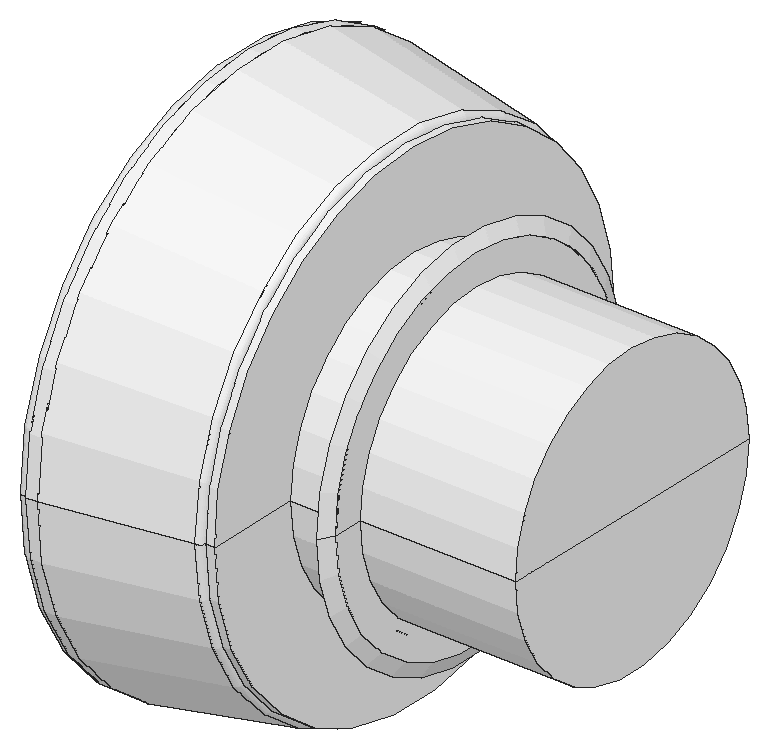
Revit family "ERA_Оголовок_KIV", category Оборудование, Revit 2019
Family settings
  Размер круглого соединителя = Использовать диаметр
  Классификация = Нет
  Тип детали = Вставляется
  На основе рабочей плоскости = Нет
  Всегда вертикально = Да
  При загрузке вырезать с полостями = Нет
  Общий = Нет
  Точка расчета площади = Нет
Parameters (values of type "KIV125")
  УГО_Видимость [instance] = yes
  Производитель_Контакты_Телефон = "8 (4912) 70-16-76, 8 (4912) 24-16-00"  # constant formula
  Изготовитель = "ООО «ЭРА»"  # constant formula
  ERA_Цвет (декоративный) = "White"  # constant formula
  ERA_Температурный диапазон работы = "в помещении от +1°С до +40°С и температура перемещаемого воздуха -30°С до +50°С"  # constant formula
  ERA_Принцип вентиляции = "Приточный"  # constant formula
  ERA_Материал корпуса = "пластик"  # constant formula
  ERA_Количество в транспортной упаковке = "1"  # constant formula
  URL = "https://era.trade"
  ERA_Цвет = "Белый"  # constant formula
  ERA_Управление = "Механическое"  # constant formula
  ERA_Торговая марка = "ERA"  # constant formula
  ERA_Страна производитель = "Россия"  # constant formula
  ERA_Размещение = "в стену"  # constant formula
  ERA_Контакты = "8 (4912) 70-16-76, 8 (4912) 24-16-00"  # constant formula
  ERA_Гарантия = "2 года"  # constant formula
  Code1 = 1
  ADSK_Этаж [instance] = ""
  ADSK_Размер_Ширина = 190 mm  # constant formula
  ADSK_Размер_Длина = 146 mm  # constant formula
  ADSK_Размер_Диаметр = 125 mm  # constant formula
  ADSK_Размер_Высота = 190 mm  # constant formula
  ADSK_Примечание [instance] = ""
  ADSK_Позиция [instance] = ""
  ADSK_Обозначение = "KIV125"  # constant formula
  ADSK_Наименование краткое [instance] = ADSK_Марка  # "KIV125"
  ADSK_Наименование = "Оголовок KIV125"  # constant formula
  ADSK_Материал = ERA_Условный_Белый
  ADSK_Масса_Текст [instance] = "0.322"  # constant formula
  ADSK_Масса [instance] = 0.322  # constant formula
  ADSK_Марка = ADSK_Обозначение  # "KIV125"
  ADSK_Количество = 1  # constant formula
  ADSK_Код изделия = ADSK_Марка  # "KIV125"
  ADSK_Завод-изготовитель = "ООО «ЭРА»"  # constant formula
  ADSK_Единица измерения = "шт."  # constant formula
  ADSK_Группирование [instance] = ""
  ADSK_Версия семейства = "Ver.1 2025-02"  # constant formula
  ADSK_Версия Revit = "2019"  # constant formula
  ADSK_URL страницы изделия = "https://era.trade/catalog/klapan_pritochnyy/kiv/"
  ADSK_URL документации изделия = "https://era.trade/catalog/klapan_pritochnyy/kiv/"
Reference planes
  plane 1 "По центру (Вперед/Назад)": y = 0
  plane 2: z = 0
  plane 3 "По центру (Влево/Вправо)": x = 0
  plane 4: x = -71.89
  plane 5: x = 74.11
  plane 6: y = 95
  plane 7: y = -95
Forms (mm)
  Revolve 1, solid, material "ERA_Условный_Белый" <- "ADSK_Материал", detail levels fine
    sketch origin (0, 0, 0) x (1, 0, 0) y (0, 1, 0)
      loop
        line (74.11, 0) -> (74.11, 49.5) -> (21, 49.5) -> (21, 59.8) -> (18.5, 64.76) -> (18.5, 52.807) -> (0, 52.807) -> (0, 85.007) -> (-3.006, 85.007) -> (-3.006, 84.126)
        arc (-3.006, 84.126) -> (-3.625, 85.827) -> (-5.193, 86.732) r 2.646
        line (-5.193, 86.732) -> (-52.247, 95.029) -> (-56.127, 95.029)
        spline (-56.127, 95.029) -> (-58.7, 94.13) -> (-60.033, 92.045) -> (-61.143, 88.748) -> (-62.199, 84.807) -> (-63.312, 80.574) -> (-64.482, 76.001) -> (-65.701, 71.001) -> (-66.96, 65.485) -> (-68.242, 59.363) -> (-69.513, 52.547) -> (-70.741, 44.944) -> (-71.89, 36.466)
        line (-71.89, 36.466) -> (-59.048, 18) -> (-59.048, 11.5) -> (-60.048, 11.5) -> (-60.048, 18.094) -> (-70.542, 17.727) -> (-71.161, 0) -> (74.11, 0)
      axis (74.11, 0) -> (-71.89, 0)
    angle from 0 to 360
Dimensions and locks
  "ADSK_Размер_Длина": plane 4 to plane 5
  equal spacing: plane 6, plane 1 "По центру (Вперед/Назад)", plane 7
  "ADSK_Размер_Высота": plane 6 to plane 7
  aligned and locked: level to plane 2
  aligned and locked: plane 4 to nested 1
  aligned and locked: plane 1 "По центру (Вперед/Назад)" to nested 1
  aligned and locked: plane 4 to nested 2
  aligned and locked: nested 2 to plane 2
Automatic sketch dimensions
  Revolve 1 sketch curve to plane 1 "По центру (Вперед/Назад)" = 0 mm
  Revolve 1 sketch curve to plane 4 = 0 mm
  plane 1 "По центру (Вперед/Назад)" to Revolve 1 sketch curve = 0 mm
  Revolve 1 sketch curve to plane 3 "По центру (Влево/Вправо)" = 0 mm
  Revolve 1 sketch curve to plane 5 = 0 mm
  Revolve 1 sketch curve to plane 4 = 0.729 mm
  Revolve 1 sketch curve to plane 4 = 1.348 mm
  Revolve 1 sketch curve to plane 4 = 11.842 mm
  Revolve 1 sketch curve to Revolve 1 sketch curve = 1 mm
  Revolve 1 sketch curve to plane 4 = 15.763 mm
  Revolve 1 sketch curve to Revolve 1 sketch curve = 3.881 mm
  Revolve 1 sketch curve to plane 3 "По центру (Влево/Вправо)" = 5.652 mm
  Revolve 1 sketch curve to Revolve 1 sketch curve = 0.459 mm
  Revolve 1 sketch curve to Revolve 1 sketch curve = 2.186 mm
  plane 3 "По центру (Влево/Вправо)" to Revolve 1 sketch curve = 18.5 mm
  Revolve 1 sketch curve to Revolve 1 sketch curve = 2.5 mm
  Revolve 1 sketch curve to plane 1 "По центру (Вперед/Назад)" = 11.5 mm
  Revolve 1 sketch curve to Revolve 1 sketch curve = 6.227 mm
  Revolve 1 sketch curve to Revolve 1 sketch curve = 6.5 mm
  Revolve 1 sketch curve to Revolve 1 sketch curve = 0.094 mm
  Revolve 1 sketch curve to Revolve 1 sketch curve = 18.738 mm
  Revolve 1 sketch curve to plane 1 "По центру (Вперед/Назад)" = 49.5 mm
  Revolve 1 sketch curve to Revolve 1 sketch curve = 3.307 mm
  Revolve 1 sketch curve to Revolve 1 sketch curve = 6.993 mm
  Revolve 1 sketch curve to Revolve 1 sketch curve = 4.96 mm
  Revolve 1 sketch curve to Revolve 1 sketch curve = 19.367 mm
  Revolve 1 sketch curve to Revolve 1 sketch curve = 0.881 mm
  Revolve 1 sketch curve to Revolve 1 sketch curve = 8.297 mm
  plane 4 to Revolve 1 sketch curve = 1928.11 mm
  Revolve 1 sketch curve to plane 5 = 1926 mm
Nested families
  nested 1: "УГО_Приток_2D" at (11.41, 0, 0), visible <- "УГО_Видимость", type "УГО_Приток_2D", detail levels coarse+medium
  nested 2: "УГО_Приток_3D" at (103.11, 0, 0) x (1, 0, 0) z (0, -1, 0), visible <- "УГО_Видимость", type "УГО_Приток_3D", detail levels coarse+medium
    with B 350 mm
Definition of nested family "УГО_Приток_3D"
  Parameters (values of type "УГО_Приток_3D")
    Description = ""
    Model = ""
    B [instance] = 350 mm
  Reference planes
    plane 1 "По центру (Вперед/Назад)": y = 0
    plane 2: z = 0
    plane 3 "По центру (Влево/Вправо)": x = 0
    plane 4: x = -175
    plane 5: x = 175
    plane 6: y = 175
    plane 7: y = -175
  Forms (mm)
    Extrusion 1, solid
      sketch origin (0, 0, 0) x (1, 0, 0) y (0, 1, 0)
        loop
          line (-87.5, -151.554) -> (175, 0) -> (-87.5, 151.554) -> (-175, 151.554) -> (-175, -151.554) -> (-87.5, -151.554)
      from 0.1 to -0.1
  Lines and regions (mm)
    model lines, not visible
      curve 1: circle (0, 0, 0) r 175 normal (0, 0, 1)
    model lines
      curve 2: line (175, 0, 0) -> (-87.5, -151.554, 0)
      curve 3: line (-87.5, -151.554, 0) -> (-87.5, 151.554, 0)
      curve 4: line (175, 0, 0) -> (-87.5, 151.554, 0)
      curve 5: line (-137.5, -151.554, 0) -> (-137.5, 151.554, 0)
  Dimensions and locks
    equal spacing: plane 4, plane 3 "По центру (Влево/Вправо)", plane 5
    "B": plane 4 to plane 5
    equal spacing: plane 7, plane 1 "По центру (Вперед/Назад)", plane 6
    "B": plane 7 to plane 6
    "B": diameter of curve 1
    locked: curve 4 to plane 1 "По центру (Вперед/Назад)" (angle 30.00°)
    locked: curve 3 to curve 4 (angle 60.00°)
    locked: curve 2 to curve 3 (angle 60.00°)
    aligned and locked: level to plane 2
    aligned and locked: plane 3 "По центру (Влево/Вправо)" to curve 1
    aligned and locked: plane 1 "По центру (Вперед/Назад)" to curve 1
  Automatic sketch dimensions
    Extrusion 1 sketch curve to plane 4 = 0 mm
    plane 1 "По центру (Вперед/Назад)" to Extrusion 1 sketch curve = 0 mm
    Extrusion 1 sketch curve to plane 5 = 0 mm
    Extrusion 1 sketch curve to plane 7 = 23.446 mm
    Extrusion 1 sketch curve to Extrusion 1 sketch curve = 87.5 mm
    Extrusion 1 sketch curve to plane 3 "По центру (Влево/Вправо)" = 87.5 mm
    Extrusion 1 sketch curve to plane 6 = 23.446 mm
    curve 5 to plane 4 = 37.5 mm
    curve 5 to plane 7 = 23.446 mm
    curve 5 to plane 6 = 23.446 mm
Definition of nested family "УГО_Приток_2D"
  Parameters (values of type "УГО_Приток_2D")
    Description = ""
    l = 206.114 mm
    a = 0.15 * A  # 35.7 mm
    A = 238 mm
  Reference planes
    plane 1 "По центру (Вперед/Назад)": y = 0
    plane 2: z = 0
    plane 3 "По центру (Влево/Вправо)": x = 0
    plane 4: x = -119
    plane 5: x = 119
    plane 6: y = 119
    plane 7: y = -119
  Lines and regions (mm)
    detail lines, in view "Опорный уровень", not visible
      curve 1: circle (0, 0, 0) r 119 normal (0, 0, 1)
    detail lines, in view "Опорный уровень"
      curve 2: line (119, 0, 0) -> (-59.5, 103.057, 0)
      curve 3: line (-59.5, 103.057, 0) -> (-59.5, -103.057, 0)
      curve 4: line (119, 0, 0) -> (-59.5, -103.057, 0)
      curve 5: line (-83.3, 103.057, 0) -> (-83.3, -103.057, 0)
  Dimensions and locks
    equal spacing: plane 7, plane 1 "По центру (Вперед/Назад)", plane 6
    "A": plane 7 to plane 6
    "A": plane 4 to plane 5
    equal spacing: plane 4, plane 3 "По центру (Влево/Вправо)", plane 5
    "a": plane 4 to curve 5
    "l": curve 4 to curve 3
    equal spacing: curve 5, plane 1 "По центру (Вперед/Назад)", curve 5
    "l": curve 5 to curve 5
    locked: curve 2 to plane 1 "По центру (Вперед/Назад)" (angle 30.00°)
    locked: curve 3 to curve 2 (angle 60.00°)
    locked: curve 4 to curve 3 (angle 60.00°)
    aligned and locked: plane 1 "По центру (Вперед/Назад)" to curve 1
    aligned and locked: plane 3 "По центру (Влево/Вправо)" to curve 1
